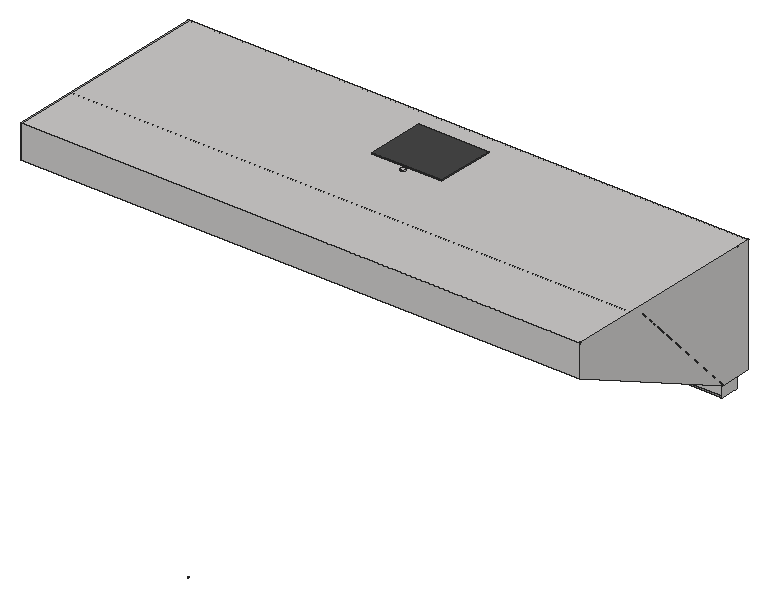
Revit family "QF_ELECTROLUXPROFESSIONAL_644186_AMPV924BT", category Specialty Equipment, Revit 2014
Reference planes
  plane 1: z = 0
  plane 2 "Center (Left/Right)": x = 150
  plane 3 "LEFT": x = -1050
  plane 4 "RIGHT": x = 1350
  plane 5 "BACK": y = 550
  plane 6 "Plane": z = 2000
  plane 7 "TOP": z = 2140
  plane 8 "Base": z = 1640
  plane 9: z = 1566
  plane 10 "DrainY": y = 485
  plane 11: x = -1047
  plane 12: through (0, 414.509, 1640.8) normal (0, 0.7314, 0.682)
  plane 13: y = 470
  plane 14: y = 220
  plane 15 "DrainX": x = 1230
  plane 16: x = 300
  plane 17: x = 0
  plane 18: x = 1347
  plane 19: x = 1140
  plane 20: x = 1320
  plane 21: x = -1010
  plane 22: x = -645
  plane 23: x = -450
  plane 24: x = 1310
  plane 25: x = 945
  plane 26: x = 750
  plane 27: x = -47.5
  plane 28: x = 347.5
  plane 29 "Center (Front/Back)": y = 100
  plane 30 "Front": y = -350
  plane 31: y = 200
Forms (mm)
  Extrusion 1, solid, material "QF_Finishes_Stainless Steel"
    sketch origin (-1050, 0, 0) x (0, 1, 0) y (0, 0, 1)
      loop
        line (550, 1640) -> (550, 2140) -> (-350, 2140) -> (-350, 1999.112) -> (413.973, 1640) -> (550, 1640)
    from 0 to 3
  Extrusion 2, solid, material "QF_Finishes_Stainless Steel"
    sketch origin (150, 0, 0) x (0, 1, 0) y (0, 0, 1)
      loop
        line (415.255, 1640) -> (550, 1640) -> (550, 2139.19) -> (549.2, 2139.19) -> (549.2, 1640.8) -> (415.876, 1640.8) -> (339.347, 1722.867) -> (349.609, 1732.436) -> (348.927, 1733.167) -> (337.934, 1722.917) -> (415.255, 1640)
      loop
        line (-82.203, 2139.19) -> (-82.203, 2118.6) -> (-31.047, 2118.6) -> (34.354, 2048.466) -> (46.028, 2059.352) -> (45.346, 2060.083) -> (34.403, 2049.879) -> (-30.612, 2119.6) -> (-81.203, 2119.6) -> (-81.203, 2139.19) -> (-82.203, 2139.19)
    from -1197 to 1197
  Extrusion 3, solid, material "QF_Finishes_Stainless Steel"
    sketch origin (1350, 0, 0) x (0, 1, 0) y (0, 0, 1)
      loop
        line (550, 1640) -> (550, 2140) -> (-350, 2140) -> (-350, 1999.112) -> (413.973, 1640) -> (550, 1640)
    from 0 to -3
  Extrusion 4, solid, material "QF_Finishes_Stainless Steel"
    sketch origin (150, 0, 0) x (0, 1, 0) y (0, 0, 1)
      loop
        line (-350, 2140) -> (-350, 2000) -> (-349.2, 2000) -> (-349.2, 2139.19) -> (550, 2139.19) -> (550, 2140) -> (-350, 2140)
    from -1200 to 1200
  Extrusion 5, solid, material "QF_Finishes_Stainless Steel"
    sketch origin (150, 0, 0) x (0, 1, 0) y (0, 0, 1)
      loop
        line (534, 1640) -> (436, 1640) -> (436, 1627) -> (443.5, 1627) -> (443.5, 1576)
        arc (443.5, 1576) -> (446.429, 1568.929) -> (453.5, 1566) r 10
        line (453.5, 1566) -> (516.5, 1566)
        arc (516.5, 1566) -> (523.571, 1568.929) -> (526.5, 1576) r 10
        line (526.5, 1576) -> (526.5, 1627) -> (534, 1627) -> (534, 1640)
    from 990 to 1170
  Extrusion 6, solid, material "QF_Finishes_Stainless Steel"
    sketch origin (0, 0, 1640) x (0, 1, 0) y (-1, 0, 0)
      loop
        circle (485, -1230) r 20
    from -76 to -74
  Extrusion 7, solid, material "QF_Finished_Chrome"
    sketch origin (150, 0, 0) x (0, 1, 0) y (0, 0, 1)
      loop
        line (337.934, 1722.917) -> (341.591, 1726.327) -> (38.011, 2051.876) -> (34.354, 2048.466) -> (337.934, 1722.917)
    from -795 to -1160
  Extrusion 8, solid, material "QF_Finished_Chrome"
    sketch origin (150, 0, 0) x (0, 1, 0) y (0, 0, 1)
      loop
        line (337.934, 1722.917) -> (341.591, 1726.327) -> (38.011, 2051.876) -> (34.354, 2048.466) -> (337.934, 1722.917)
    from -197.5 to -600
  Extrusion 9, solid, material "QF_Finishes_Stainless Steel"
    sketch origin (150, 0, 0) x (0, 1, 0) y (0, 0, 1)
      loop
        line (337.934, 1722.917) -> (341.591, 1726.327) -> (38.011, 2051.876) -> (34.354, 2048.466) -> (337.934, 1722.917)
    from 1197 to 1160
  Extrusion 10, solid, material "QF_Finishes_Stainless Steel"
    sketch origin (150, 0, 0) x (0, 1, 0) y (0, 0, 1)
      loop
        line (341.588, 1726.324) -> (38.009, 2051.874) -> (34.354, 2048.466) -> (337.934, 1722.917) -> (341.588, 1726.324)
    from -795 to -600
  Extrusion 11, solid, material "QF_Finished_Chrome"
    sketch origin (150, 0, 0) x (0, 1, 0) y (0, 0, 1)
      loop
        line (341.588, 1726.324) -> (38.009, 2051.874) -> (34.354, 2048.466) -> (337.934, 1722.917) -> (341.588, 1726.324)
    from 795 to 1160
  Extrusion 12, solid, material "QF_Finishes_Black"
    sketch origin (0, 0, 2140) x (0, 1, 0) y (-1, 0, 0)
      loop
        line (470, 0) -> (220, 0) -> (220, -300) -> (470, -300) -> (470, 0)
    from 5 to 0
  Extrusion 13, solid, material "QF_Finishes_Stainless Steel"
    sketch origin (0, 0, 0) x (1, 0, 0) y (0, 1, 0)
      loop
        line (-1050, 550) -> (-1050, 549) -> (-1049, 549) -> (-1049, 550) -> (-1050, 550)
    from 0 to 1
  Extrusion 14, solid, material "QF_Finishes_Stainless Steel"
    sketch origin (150, 0, 0) x (0, 1, 0) y (0, 0, 1)
      loop
        line (337.934, 1722.917) -> (341.591, 1726.327) -> (38.011, 2051.876) -> (34.354, 2048.466) -> (337.934, 1722.917)
    from -1160 to -1197
  Extrusion 15, solid, material "QF_Finishes_Stainless Steel"
    sketch origin (150, 0, 0) x (0, 1, 0) y (0, 0, -1)
      loop
        line (341.588, -1726.324) -> (337.934, -1722.917) -> (34.354, -2048.466) -> (38.009, -2051.874) -> (341.588, -1726.324)
    from -795 to -600
  Extrusion 16, solid, material "QF_Finished_Chrome"
    sketch origin (150, 0, 0) x (0, 1, 0) y (0, 0, 1)
      loop
        line (337.934, 1722.917) -> (341.591, 1726.327) -> (38.011, 2051.876) -> (34.354, 2048.466) -> (337.934, 1722.917)
    from 600 to 197.5
  Extrusion 17, solid, material "QF_Finishes_Stainless Steel"
    sketch origin (150, 0, 0) x (0, 1, 0) y (0, 0, -1)
      loop
        line (341.588, -1726.324) -> (337.934, -1722.917) -> (34.354, -2048.466) -> (38.009, -2051.874) -> (341.588, -1726.324)
    from -197.5 to 197.5
  Extrusion 18, solid, material "QF_Finishes_Stainless Steel"
    sketch origin (0, 0, 2140) x (0, 1, 0) y (-1, 0, 0)
      loop
        circle (200, -150) r 10
    from 0 to 1.6
Cuts and joins
  joined: Extrusion 2, Extrusion 4
Lines and regions (mm)
  reference lines
    curve 1: line (150, 34.354, 2048.466) -> (150, 34.354, 1888.466)
  symbolic lines, style "SpecialityEquipment", detail levels coarse
    curve 2: line (1350, 550, 2140) -> (-1050, 550, 2140)
    curve 3: line (-1050, 550, 2140) -> (-1050, -350, 2140)
    curve 4: line (1350, -350, 2140) -> (1350, 550, 2140)
    curve 5: line (-1050, -350, 2140) -> (1350, -350, 2140)
    curve 6: line (0, 220, 2140) -> (300, 220, 2140)
    curve 7: line (0, 470, 2140) -> (0, 220, 2140)
    curve 8: line (300, 470, 2140) -> (0, 470, 2140)
    curve 9: line (300, 220, 2140) -> (300, 470, 2140)
    curve 10: line (-1050, 550, 0) -> (1350, -350, 0)
    curve 11: line (1350, 550, 0) -> (-1050, -350, 0)
Dimensions and locks
  plane 3 "LEFT" to plane 4 "RIGHT" = 2400 mm
  equal spacing: plane 3 "LEFT", plane 2 "Center (Left/Right)", plane 4 "RIGHT"
  locked: plane 6 "Plane" to level at 2000
  plane 7 "TOP" to plane 6 "Plane" = 140 mm
  locked: plane 7 "TOP" to plane 8 "Base" at 500
  plane 8 "Base" to plane 9 = 74 mm
  plane 5 "BACK" to plane 10 "DrainY" = 65 mm  (x2)
  plane 3 "LEFT" to plane 11 = 3 mm
  plane 5 "BACK" to plane 13 = 80 mm
  plane 13 to plane 14 = 250 mm  (x2)
  plane 15 "DrainX" to plane 4 "RIGHT" = 120 mm
  plane 18 to plane 4 "RIGHT" = 3 mm
  locked: plane 19 to plane 15 "DrainX" at 90
  locked: plane 15 "DrainX" to plane 20 at 90
  plane 13 to plane 5 "BACK" = 80 mm
  locked: plane 3 "LEFT" to plane 21 at 40
  locked: plane 21 to plane 22 at 365
  locked: plane 22 to plane 23 at 195
  locked: plane 24 to plane 25 at 365
  locked: plane 25 to plane 26 at 195
  locked: plane 24 to plane 4 "RIGHT" at 40
  locked: plane 27 to plane 28 at 395
  equal spacing: plane 27, plane 2 "Center (Left/Right)", plane 28
  locked: plane 17 to plane 16 at 300
  equal spacing: plane 17, plane 2 "Center (Left/Right)", plane 16
  plane 23 to plane 27 = 402.5 mm
  plane 28 to plane 26 = 402.5 mm
  locked: plane 5 "BACK" to plane 30 "Front" at 900
  equal spacing: plane 5 "BACK", plane 29 "Center (Front/Back)", plane 30 "Front"
  plane 5 "BACK" to plane 30 "Front" = 900 mm
  plane 14 to plane 31 = 20 mm
  aligned and locked: level to plane 1
  aligned and locked: Extrusion 2 to Extrusion 1
  aligned and locked: Extrusion 2 to Extrusion 3
  aligned and locked: plane 4 "RIGHT" to Extrusion 4
  aligned and locked: Extrusion 4 to plane 3 "LEFT"
  aligned and locked: plane 18 to Extrusion 9
  aligned and locked: plane 17 to Extrusion 12
  aligned and locked: Extrusion 12 to plane 16
  aligned and locked: Extrusion 12 to plane 14
  aligned and locked: Extrusion 12 to plane 13
  aligned and locked: Extrusion 2 to Extrusion 4
  aligned and locked: plane 20 to Extrusion 5
  aligned and locked: Extrusion 5 to plane 19
  aligned and locked: Extrusion 9 to plane 24
  aligned and locked: Extrusion 11 to plane 24
  aligned and locked: Extrusion 11 to plane 25
  aligned and locked: Extrusion 8 to plane 23
  aligned and locked: plane 23 to Extrusion 10
  aligned and locked: Extrusion 10 to plane 22
  aligned and locked: plane 22 to Extrusion 7
  aligned and locked: Extrusion 7 to plane 21
  aligned and locked: Extrusion 14 to plane 11
  aligned and locked: plane 21 to Extrusion 14
  aligned and locked: Extrusion 15 to plane 26
  aligned and locked: Extrusion 15 to plane 25
  aligned and locked: Extrusion 3 to plane 18
  aligned and locked: plane 27 to Extrusion 8
  aligned and locked: Extrusion 16 to plane 26
  aligned and locked: Extrusion 16 to plane 28
  aligned and locked: plane 28 to Extrusion 17
  aligned and locked: Extrusion 17 to plane 27
Automatic sketch dimensions
  curve 5 to plane 3 "LEFT" = 0 mm
  curve 9 to plane 14 = 0 mm
  plane 13 to curve 8 = 0 mm
  curve 3 to plane 5 "BACK" = 0 mm
  curve 5 to plane 4 "RIGHT" = 0 mm
  curve 6 to plane 16 = 0 mm
  curve 6 to plane 17 = 0 mm
  Extrusion 2 sketch curve to plane 12 = 0 mm  (x3)
  Extrusion 2 sketch curve to plane 8 "Base" = 0 mm
  plane 12 to Extrusion 2 sketch curve = 0 mm
  Extrusion 2 sketch curve to plane 5 "BACK" = 0 mm
  Extrusion 2 sketch curve to Extrusion 2 sketch curve = 65.646 mm
  Extrusion 2 sketch curve to Extrusion 2 sketch curve = 0.682 mm  (x2)
  Extrusion 2 sketch curve to Extrusion 2 sketch curve = 10.261 mm
  plane 8 "Base" to Extrusion 2 sketch curve = 82.917 mm
  Extrusion 2 sketch curve to Extrusion 2 sketch curve = 10.942 mm
  Extrusion 2 sketch curve to Extrusion 2 sketch curve = 0.049 mm
  Extrusion 2 sketch curve to plane 7 "TOP" = 20.4 mm
  Extrusion 2 sketch curve to plane 7 "TOP" = 21.4 mm
  Extrusion 2 sketch curve to plane 7 "TOP" = 0.81 mm  (x2)
  Extrusion 2 sketch curve to Extrusion 2 sketch curve = 50.156 mm
  Extrusion 2 sketch curve to Extrusion 2 sketch curve = 1 mm
  plane 8 "Base" to Extrusion 2 sketch curve = 0.8 mm
  Extrusion 2 sketch curve to plane 5 "BACK" = 0.8 mm
  Extrusion 3 sketch curve to plane 8 "Base" = 0 mm
  Extrusion 3 sketch curve to plane 5 "BACK" = 0 mm
  Extrusion 3 sketch curve to plane 7 "TOP" = 0 mm
  plane 13 to Extrusion 3 sketch curve = 56.027 mm
  Extrusion 4 sketch curve to plane 6 "Plane" = 0 mm
  Extrusion 4 sketch curve to plane 5 "BACK" = 0 mm
  Extrusion 4 sketch curve to plane 7 "TOP" = 0 mm
  Extrusion 4 sketch curve to plane 7 "TOP" = 0.81 mm
  curve 1 to plane 12 = 0 mm
  curve 1 to plane 6 "Plane" = 111.534 mm
  Extrusion 5 sketch curve to plane 8 "Base" = 0 mm
  Extrusion 5 sketch curve to plane 9 = 0 mm
  Extrusion 5 sketch curve to plane 8 "Base" = 13 mm  (x2)
  plane 13 to Extrusion 5 sketch curve = 34 mm
  Extrusion 5 sketch curve to Extrusion 5 sketch curve = 7.5 mm  (x2)
  Extrusion 5 sketch curve to Extrusion 5 sketch curve = 10 mm
  plane 10 "DrainY" to Extrusion 5 sketch curve = 31.5 mm
  Extrusion 5 sketch curve to plane 5 "BACK" = 23.5 mm
  Extrusion 6 sketch curve to plane 10 "DrainY" = 0 mm
  Extrusion 6 sketch curve to plane 15 "DrainX" = 0 mm
  Extrusion 7 sketch curve to plane 12 = 0 mm  (x2)
  Extrusion 7 sketch curve to Extrusion 7 sketch curve = 3.657 mm
  plane 8 "Base" to Extrusion 7 sketch curve = 82.917 mm
  Extrusion 8 sketch curve to plane 12 = 0 mm  (x2)
  Extrusion 8 sketch curve to Extrusion 8 sketch curve = 3.657 mm
  plane 8 "Base" to Extrusion 8 sketch curve = 82.917 mm
  Extrusion 9 sketch curve to plane 12 = 0 mm  (x2)
  Extrusion 9 sketch curve to Extrusion 9 sketch curve = 3.657 mm
  plane 8 "Base" to Extrusion 9 sketch curve = 82.917 mm
  Extrusion 10 sketch curve to plane 12 = 0 mm  (x2)
  Extrusion 10 sketch curve to Extrusion 10 sketch curve = 3.655 mm
  plane 8 "Base" to Extrusion 10 sketch curve = 82.917 mm
  Extrusion 11 sketch curve to plane 12 = 0 mm  (x2)
  Extrusion 11 sketch curve to Extrusion 11 sketch curve = 3.655 mm
  plane 8 "Base" to Extrusion 11 sketch curve = 82.917 mm
  Extrusion 12 sketch curve to plane 14 = 0 mm
  plane 13 to Extrusion 12 sketch curve = 0 mm
  Extrusion 12 sketch curve to plane 16 = 0 mm
  Extrusion 12 sketch curve to plane 17 = 0 mm
  Extrusion 13 sketch curve to plane 3 "LEFT" = 0 mm
  Extrusion 13 sketch curve to plane 5 "BACK" = 0 mm
  plane 3 "LEFT" to Extrusion 13 sketch curve = 1 mm
  Extrusion 13 sketch curve to Extrusion 13 sketch curve = 1 mm
  Extrusion 14 sketch curve to plane 12 = 0 mm  (x2)
  Extrusion 14 sketch curve to Extrusion 14 sketch curve = 3.657 mm
  plane 8 "Base" to Extrusion 14 sketch curve = 82.917 mm
  Extrusion 15 sketch curve to plane 12 = 0 mm  (x2)
  Extrusion 15 sketch curve to Extrusion 15 sketch curve = 3.655 mm
  plane 8 "Base" to Extrusion 15 sketch curve = 82.917 mm
  Extrusion 16 sketch curve to plane 12 = 0 mm  (x2)
  Extrusion 16 sketch curve to Extrusion 16 sketch curve = 3.657 mm
  plane 8 "Base" to Extrusion 16 sketch curve = 82.917 mm
  Extrusion 17 sketch curve to plane 12 = 0 mm  (x2)
  Extrusion 17 sketch curve to Extrusion 17 sketch curve = 3.655 mm
  plane 8 "Base" to Extrusion 17 sketch curve = 82.917 mm
  Extrusion 4 sketch curve to Extrusion 4 sketch curve = 0.8 mm
  curve 5 to plane 14 = 570 mm
  plane 6 "Plane" to Extrusion 2 sketch curve = 48.466 mm
  Extrusion 4 sketch curve to plane 14 = 569.2 mm
  curve 1 to plane 14 = 185.646 mm
  plane 6 "Plane" to Extrusion 7 sketch curve = 51.876 mm
  plane 6 "Plane" to Extrusion 8 sketch curve = 51.876 mm
  plane 6 "Plane" to Extrusion 9 sketch curve = 51.876 mm
  plane 6 "Plane" to Extrusion 10 sketch curve = 51.874 mm
  plane 6 "Plane" to Extrusion 11 sketch curve = 51.874 mm
  plane 6 "Plane" to Extrusion 14 sketch curve = 51.876 mm
  plane 6 "Plane" to Extrusion 15 sketch curve = 51.874 mm
  plane 6 "Plane" to Extrusion 16 sketch curve = 51.876 mm
  plane 6 "Plane" to Extrusion 17 sketch curve = 51.874 mm
  Extrusion 1 sketch curve to plane 30 "Front" = 0 mm
  Extrusion 1 sketch curve to plane 8 "Base" = 0 mm
  Extrusion 1 sketch curve to plane 5 "BACK" = 0 mm
  Extrusion 1 sketch curve to plane 7 "TOP" = 0 mm
  plane 13 to Extrusion 1 sketch curve = 56.027 mm
  Extrusion 1 sketch curve to plane 6 "Plane" = 0.888 mm
  Extrusion 3 sketch curve to plane 30 "Front" = 0 mm
  Extrusion 3 sketch curve to plane 6 "Plane" = 0.888 mm
  curve 11 to plane 3 "LEFT" = 0 mm
  curve 10 to plane 3 "LEFT" = 0 mm
  curve 11 to plane 4 "RIGHT" = 0 mm
  curve 10 to plane 4 "RIGHT" = 0 mm
  curve 10 to plane 30 "Front" = 0 mm
  curve 11 to plane 30 "Front" = 0 mm
  curve 11 to plane 5 "BACK" = 0 mm
  curve 10 to plane 5 "BACK" = 0 mm
  Extrusion 18 sketch curve to plane 2 "Center (Left/Right)" = 0 mm
  Extrusion 18 sketch curve to plane 31 = 0 mm
  radius of Extrusion 6 sketch curve = 20 mm
  radius of Extrusion 18 sketch curve = 10 mm
Connectors
  piping at (1230, 485, 1564), diameter 20
    settings: on Extrusion 6, index 1, connector inside diameter 609.6 mm, connector length 0 mm, flow factor 0, pipe flow 0.0 L/s, pressure drop 0.0 Pa, fitting loss kfactor 0, connector angle 0.00°, fixture units 0, engagement length 0 mm, angle of deflection 0.00°, flow configuration 1, flow direction 2, fitting loss method 0, system type 16, joint type 0, gender type 0, connector reference index -1, connector utility 0, adjustable connector no, is connector primary yes, connector description "Drain"
  hvac at (150, 345, 2145)
    settings: on Extrusion 12, index 2, duct flow 0.0 L/s, flow factor 0, pres drop 0.0 Pa, loss coef 0, conn angle 0.00°, conn width 250 mm, conn height 300 mm, conn diameter 609.6 mm, duct sys type 3, conn prof type 1, flow config 1, flow direction 0, loss method 0, conn ref index -1, conn util no, is conn primary yes, conn desc "EXHAUST OUTLET"
  electrical at (150, 200, 2140)
    settings: on Extrusion 18, index 3, voltage 0 V, apparent load 0 VA, apparent load phase1 0 VA, apparent load phase2 0 VA, apparent load phase3 0 VA, power factor 1, load classification "Other", number of poles 1, system type 30, power factor state 1, is connector primary yes, connector utility no, sub classification motor no, connector description "Electrical Connection"
